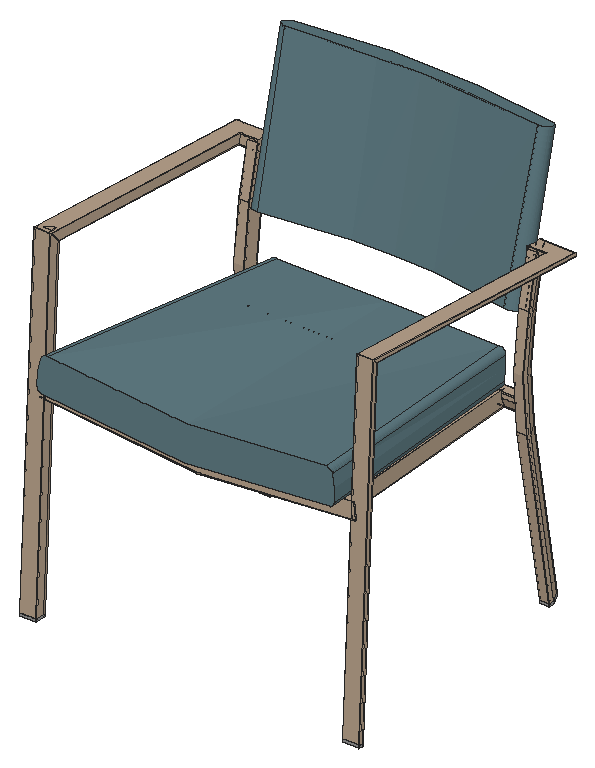
Revit family "FU_Chair_Sandler_Woodlook 2-22XL", category Furniture, Revit 2020
Family settings
  OmniClass Number = 23.40.20.00
  OmniClass Title = General Furniture and Specialties
  Work Plane-Based = No
  Always vertical = Yes
  Cut with Voids When Loaded = No
  Shared = No
  Room Calculation Point = No
Parameters (values of type "Woodlook 2.22XL")
  Width = 650 mm
  URL = "https://www.sandlerseating.com/product/woodlook-2-22-xl/"
  Seat [instance] = Fabric - Mainline Flax - Pimlico MLF34
  Model = "Woodlook 2.22XL"
  Manufacturer = "Sandler"
  Height = 800 mm
  Frame [instance] = Woodlook - 21A Teak
  Description = "Woodlook armchair with frame manufactured entirely from aluminum but with realistic appearance of wood. Lightweight and highly scratch resistant."
  Depth = 615 mm
  Default Elevation = 0 mm
Reference planes
  plane 1 "Center (Front/Back)": y = 0
  plane 2: z = 0
  plane 3 "Center (Left/Right)": x = 0
  plane 4 "Right": x = -325
  plane 5 "Left": x = 325
  plane 6 "Back": y = 307.5
  plane 7 "Front": y = -307.5
  plane 8 "Height": z = 800
  plane 9 "Seat height": z = 460
  plane 10 "Arm Left C TOP": x = 308.948
  plane 11 "Leg Back Left C TOP": x = 267.367
  plane 12 "Arm Back C FRONT": z = 605.509
  plane 13 "Arm A RIGHT": through (4267.2, -254.554, 639.603) normal (0, 0.0566, 0.9984)
  plane 14 "Seat Frame Front TOP": y = -263.353
  plane 15 "Seat Frame Side RIGHT": through (4267.2, -249.267, 391.723) normal (0, 0.0555, 0.9985)
  plane 16 "Seat Frame Back H RIGHT": z = 352.609
  plane 17 "Seat Frame Back V RIGHT": y = 172.382
  plane 18 "Glide Height FRONT": z = 5.203
  plane 19 "Glide C RIGHT": y = -289.967
  plane 20 "Back RIGHT": through (4267.2, 259.815, 761.468) normal (0, 0.9766, -0.2153)
  plane 21 "Arm Right C TOP": x = -308.948
  plane 22 "Leg Back Right C TOP": x = -267.367
Forms (mm)
  Sweep 1, solid, material "Woodlook - 21A Teak" <- "Frame"
    path origin (267.367, 0, 0) x (0, -1, 0) y (0, 0, 1)
      loop
        line (-234.817, -8.8) -> (-177.895, 318.96)
        arc (-177.895, 318.96) -> (-170.212, 421.321) -> (-182.417, 523.242) r 529.707
        line (-182.417, 523.242) -> (-207.007, 635.191)
    profile "Pro_Tube Shape : Pro_Tube Shape" origin (267.367, 206.356, 155.08) x (0, 0.985252, 0.17111) y (-1, 0, 0)
      loop
        arc (-15, 10) -> (-15.707, 9.707) -> (-16, 9) r 1
        line (-16, 9) -> (-16, -9)
        arc (-16, -9) -> (-15.707, -9.707) -> (-15, -10) r 1
        line (-15, -10) -> (-6.015, -10) -> (15.479, 1.739)
        arc (15.479, 1.739) -> (15.86, 2.107) -> (16, 2.617) r 1
        line (16, 2.617) -> (16, 8.976)
        arc (16, 8.976) -> (15.7, 9.7) -> (14.976, 10) r 1.024
        line (14.976, 10) -> (-15, 10)
  Sweep 2, solid, material "Woodlook - 21A Teak" <- "Frame"
    path origin (0, 62.301, 621.642) x (0, -0.998397, 0.056595) y (1, 0, 0)
      loop
        line (333.361, 308.83) -> (-140.967, 308.83) -> (-140.967, 257.324)
    profile "Pro_Tube Shape : Pro_Tube Shape" origin (308.83, -33.742, 627.086) x (-1, 0, 0) y (0, 0.056595, 0.998397)
      loop
        line (15, 10) -> (-14.976, 10)
        arc (-14.976, 10) -> (-15.7, 9.7) -> (-16, 8.976) r 1.024
        line (-16, 8.976) -> (-16, 2.617)
        arc (-16, 2.617) -> (-15.86, 2.107) -> (-15.479, 1.739) r 1
        line (-15.479, 1.739) -> (6.015, -10) -> (15, -10)
        arc (15, -10) -> (15.707, -9.707) -> (16, -9) r 1
        line (16, -9) -> (16, 9)
        arc (16, 9) -> (15.707, 9.707) -> (15, 10) r 1
  Extrusion 3, void
    sketch origin (308.948, 0, -2.5) x (0, -1, 0) y (0, 0, 1)
      loop
        line (-176.066, 625.145) -> (-177.527, 650.91) -> (-236.885, 650.91) -> (-235.234, 621.791) -> (-176.066, 625.145)
    from 23.39 to 53.964
  Sweep 4, solid, material "Woodlook - 21A Teak" <- "Frame"
    path origin (308.948, 0, 0) x (0, -1, 0) y (0, 0, 1)
      loop
        line (289.603, -14.114) -> (254.018, 649.587)
    profile "Pro_Tube Shape : Pro_Tube Shape" origin (308.948, -271.811, 317.737) x (0, 0.998566, -0.053539) y (-1, 0, 0)
      loop
        line (-10, 15) -> (-10, -14.976)
        arc (-10, -14.976) -> (-9.7, -15.7) -> (-8.976, -16) r 1.024
        line (-8.976, -16) -> (-2.617, -16)
        arc (-2.617, -16) -> (-2.107, -15.86) -> (-1.739, -15.479) r 1
        line (-1.739, -15.479) -> (10, 6.015) -> (10, 15)
        arc (10, 15) -> (9.707, 15.707) -> (9, 16) r 1
        line (9, 16) -> (-9, 16)
        arc (-9, 16) -> (-9.707, 15.707) -> (-10, 15) r 1
  Extrusion 5, void
    sketch origin (308.948, 0, 0) x (0, -1, 0) y (0, 0, 1)
      loop
        line (271.969, 659.496) -> (237.561, 659.496) -> (237.561, 621.282) -> (271.969, 659.496)
    from 25 to -25
  Extrusion 6, void
    sketch origin (308.948, 0, 0) x (0, -1, 0) y (0, 0, 1)
      loop
        line (276.522, 664.552) -> (237.561, 621.282) -> (276.522, 621.282) -> (276.522, 664.552)
    from -25 to 25
  Sweep 7, solid, material "Woodlook - 21A Teak" <- "Frame"
    path origin (-267.367, 0, 0) x (0, -1, 0) y (0, 0, 1)
      loop
        line (-234.817, -8.8) -> (-177.895, 318.96)
        arc (-177.895, 318.96) -> (-170.212, 421.321) -> (-182.417, 523.242) r 529.707
        line (-182.417, 523.242) -> (-207.007, 635.191)
    profile "Pro_Tube Shape : Pro_Tube Shape" origin (-267.367, 206.356, 155.08) x (0, -0.985252, -0.17111) y (1, 0, 0)
      loop
        line (15, 10) -> (-14.976, 10)
        arc (-14.976, 10) -> (-15.7, 9.7) -> (-16, 8.976) r 1.024
        line (-16, 8.976) -> (-16, 2.617)
        arc (-16, 2.617) -> (-15.86, 2.107) -> (-15.479, 1.739) r 1
        line (-15.479, 1.739) -> (6.015, -10) -> (15, -10)
        arc (15, -10) -> (15.707, -9.707) -> (16, -9) r 1
        line (16, -9) -> (16, 9)
        arc (16, 9) -> (15.707, 9.707) -> (15, 10) r 1
  Sweep 8, solid, material "Woodlook - 21A Teak" <- "Frame"
    path origin (0, 62.258, 621.644) x (0, -0.998397, 0.056595) y (-1, 0, 0)
      loop
        line (333.361, 308.83) -> (-140.967, 308.83) -> (-140.967, 257.324)
    profile "Pro_Tube Shape : Pro_Tube Shape" origin (-308.83, -33.785, 627.089) x (-1, 0, 0) y (0, 0.056595, 0.998397)
      loop
        arc (-15, 10) -> (-15.707, 9.707) -> (-16, 9) r 1
        line (-16, 9) -> (-16, -9)
        arc (-16, -9) -> (-15.707, -9.707) -> (-15, -10) r 1
        line (-15, -10) -> (-6.015, -10) -> (15.479, 1.739)
        arc (15.479, 1.739) -> (15.86, 2.107) -> (16, 2.617) r 1
        line (16, 2.617) -> (16, 8.976)
        arc (16, 8.976) -> (15.7, 9.7) -> (14.976, 10) r 1.024
        line (14.976, 10) -> (-15, 10)
  Extrusion 9, void
    sketch origin (-267.367, 0, 0) x (0, -1, 0) y (0, 0, -1)
      loop
        line (-176.066, -622.645) -> (-235.234, -619.291) -> (-236.885, -648.41) -> (-177.527, -648.41) -> (-176.066, -622.645)
    from -15.137 to 15.169
  Sweep 10, solid, material "Woodlook - 21A Teak" <- "Frame"
    path origin (-308.948, 0, 0) x (0, -1, 0) y (0, 0, 1)
      loop
        line (289.603, -14.114) -> (254.018, 649.587)
    profile "Pro_Tube Shape : Pro_Tube Shape" origin (-308.948, -271.811, 317.737) x (0, -0.998566, 0.053539) y (1, 0, 0)
      loop
        arc (10, 15) -> (9.707, 15.707) -> (9, 16) r 1
        line (9, 16) -> (-9, 16)
        arc (-9, 16) -> (-9.707, 15.707) -> (-10, 15) r 1
        line (-10, 15) -> (-10, 6.015) -> (1.739, -15.479)
        arc (1.739, -15.479) -> (2.107, -15.86) -> (2.617, -16) r 1
        line (2.617, -16) -> (8.976, -16)
        arc (8.976, -16) -> (9.7, -15.7) -> (10, -14.976) r 1.024
        line (10, -14.976) -> (10, 15)
  Extrusion 11, void
    sketch origin (-273.948, 0, 0) x (0, -1, 0) y (0, 0, -1)
      loop
        line (271.969, -659.496) -> (237.561, -621.282) -> (237.561, -659.496) -> (271.969, -659.496)
    from 25 to -25
  Extrusion 12, void
    sketch origin (-308.948, 0, 0) x (0, -1, 0) y (0, 0, -1)
      loop
        line (276.522, -664.552) -> (276.522, -621.282) -> (237.561, -621.282) -> (276.522, -664.552)
    from -25 to 25
  Sweep 13, solid, material "Woodlook - 21A Teak" <- "Frame"
    path origin (0, -263.353, 0) x (-1, 0, 0) y (0, 0, 1)
      loop
        arc (297.943, 404.083) -> (0.001, 380.018) -> (-297.941, 404.083) r 1856.345
    profile "Pro_Tube Shape : Pro_Tube Shape" origin (-0.001, -263.353, 380.018) x (0, 0, -1) y (0, 1, 0)
      loop
        line (0.999, -13.552) -> (30.934, -15.121)
        arc (30.934, -15.121) -> (31.672, -14.86) -> (32.01, -14.153) r 1.024
        line (32.01, -14.153) -> (32.343, -7.802)
        arc (32.343, -7.802) -> (32.229, -7.285) -> (31.869, -6.898) r 1
        line (31.869, -6.898) -> (11.018, 5.95) -> (2.045, 6.42)
        arc (2.045, 6.42) -> (1.324, 6.165) -> (0.994, 5.474) r 1
        line (0.994, 5.474) -> (0.052, -12.501)
        arc (0.052, -12.501) -> (0.308, -13.223) -> (0.999, -13.552) r 1
  Sweep 14, solid, material "Woodlook - 21A Teak" <- "Frame"
    path origin (0, 20.921, 376.718) x (0, -0.998461, 0.05545) y (1, 0, 0)
      loop
        line (287.474, 277.122) -> (-151.686, 225)
    profile "Pro_Tube Shape : Pro_Tube Shape" origin (251.061, -46.868, 380.483) x (-0.99303, -0.117677, 0.006535) y (0, 0.05545, 0.998461)
      loop
        line (0, 5.5) -> (0, -24.476)
        arc (0, -24.476) -> (0.3, -25.2) -> (1.024, -25.5) r 1.024
        line (1.024, -25.5) -> (7.383, -25.5)
        arc (7.383, -25.5) -> (7.893, -25.36) -> (8.261, -24.979) r 1
        line (8.261, -24.979) -> (20, -3.485) -> (20, 5.5)
        arc (20, 5.5) -> (19.707, 6.207) -> (19, 6.5) r 1
        line (19, 6.5) -> (1, 6.5)
        arc (1, 6.5) -> (0.293, 6.207) -> (0, 5.5) r 1
  Sweep 15, solid, material "Woodlook - 21A Teak" <- "Frame"
    path origin (0, 0, 352.609) x (0, -1, 0) y (1, 0, 0)
      loop
        line (-172.382, 268) -> (-172.382, -268)
    profile "Pro_Tube Shape : Pro_Tube Shape" origin (0, 172.382, 352.609) x (0, -1, 0) y (0, 0, 1)
      loop
        line (-10, 21.5) -> (-10, -8.476)
        arc (-10, -8.476) -> (-9.7, -9.2) -> (-8.976, -9.5) r 1.024
        line (-8.976, -9.5) -> (-2.617, -9.5)
        arc (-2.617, -9.5) -> (-2.107, -9.36) -> (-1.739, -8.979) r 1
        line (-1.739, -8.979) -> (10, 12.515) -> (10, 21.5)
        arc (10, 21.5) -> (9.707, 22.207) -> (9, 22.5) r 1
        line (9, 22.5) -> (-9, 22.5)
        arc (-9, 22.5) -> (-9.707, 22.207) -> (-10, 21.5) r 1
  Sweep 16, solid, material "Woodlook - 21A Teak" <- "Frame"
    path origin (0, 20.921, 376.718) x (0, -0.998461, 0.05545) y (-1, 0, 0)
      loop
        line (287.474, 277.122) -> (-151.686, 225)
    profile "Pro_Tube Shape : Pro_Tube Shape" origin (-251.061, -46.868, 380.483) x (-0.99303, 0.117677, -0.006535) y (0, 0.05545, 0.998461)
      loop
        arc (0, 5.5) -> (-0.293, 6.207) -> (-1, 6.5) r 1
        line (-1, 6.5) -> (-19, 6.5)
        arc (-19, 6.5) -> (-19.707, 6.207) -> (-20, 5.5) r 1
        line (-20, 5.5) -> (-20, -3.485) -> (-8.261, -24.979)
        arc (-8.261, -24.979) -> (-7.893, -25.36) -> (-7.383, -25.5) r 1
        line (-7.383, -25.5) -> (-1.024, -25.5)
        arc (-1.024, -25.5) -> (-0.3, -25.2) -> (0, -24.476) r 1.024
        line (0, -24.476) -> (0, 5.5)
  Extrusion 17, void
    sketch origin (0, -263.353, 0) x (-1, 0, 0) y (0, 0, 1)
      loop
        line (330.041, 5.203) -> (-329.959, 5.203) -> (-329.959, -18.719) -> (330.041, -18.719) -> (330.041, 5.203)
    from -44.147 to 570.853
  Extrusion 18, solid, material "Rubber, Black"
    sketch origin (0, 0, 0) x (1, 0, 0) y (0, 1, 0)
      loop
        arc (293.948, -278.582) -> (293.241, -278.875) -> (292.948, -279.582) r 1
        line (292.948, -279.582) -> (292.948, -297.582)
        arc (292.948, -297.582) -> (293.241, -298.289) -> (293.948, -298.582) r 1
        line (293.948, -298.582) -> (324, -298.582)
        arc (324, -298.582) -> (324.707, -298.289) -> (325, -297.582) r 1
        line (325, -297.582) -> (325, -291.215)
        arc (325, -291.215) -> (324.86, -290.705) -> (324.48, -290.338) r 1
        line (324.48, -290.338) -> (302.985, -278.582) -> (293.948, -278.582)
    from 0 to 5.203
  Extrusion 19, solid, material "Rubber, Black"
    sketch origin (0, 0, 0) x (-1, 0, 0) y (0, -1, 0)
      loop
        line (293.948, 278.582) -> (302.985, 278.582) -> (324.48, 290.338)
        arc (324.48, 290.338) -> (324.86, 290.705) -> (325, 291.215) r 1
        line (325, 291.215) -> (325, 297.582)
        arc (325, 297.582) -> (324.707, 298.289) -> (324, 298.582) r 1
        line (324, 298.582) -> (293.948, 298.582)
        arc (293.948, 298.582) -> (293.241, 298.289) -> (292.948, 297.582) r 1
        line (292.948, 297.582) -> (292.948, 279.582)
        arc (292.948, 279.582) -> (293.241, 278.875) -> (293.948, 278.582) r 1
    from 0 to 5.203
  Extrusion 20, solid, material "Rubber, Black"
    sketch origin (-521.016, -41.46, 0) x (0, 1, 0) y (-1, 0, 0)
      loop
        arc (258.948, -243.582) -> (258.241, -243.875) -> (257.948, -244.582) r 1
        line (257.948, -244.582) -> (257.948, -262.582)
        arc (257.948, -262.582) -> (258.241, -263.289) -> (258.948, -263.582) r 1
        line (258.948, -263.582) -> (289, -263.582)
        arc (289, -263.582) -> (289.707, -263.289) -> (290, -262.582) r 1
        line (290, -262.582) -> (290, -256.215)
        arc (290, -256.215) -> (289.86, -255.705) -> (289.48, -255.338) r 1
        line (289.48, -255.338) -> (267.985, -243.582) -> (258.948, -243.582)
    from 0 to 5.203
  Extrusion 21, solid, material "Rubber, Black"
    sketch origin (521.016, -41.46, 0) x (0, 1, 0) y (-1, 0, 0)
      loop
        line (258.948, 243.582) -> (267.985, 243.582) -> (289.48, 255.338)
        arc (289.48, 255.338) -> (289.86, 255.705) -> (290, 256.215) r 1
        line (290, 256.215) -> (290, 262.582)
        arc (290, 262.582) -> (289.707, 263.289) -> (289, 263.582) r 1
        line (289, 263.582) -> (258.948, 263.582)
        arc (258.948, 263.582) -> (258.241, 263.289) -> (257.948, 262.582) r 1
        line (257.948, 262.582) -> (257.948, 244.582)
        arc (257.948, 244.582) -> (258.241, 243.875) -> (258.948, 243.582) r 1
    from 0 to 5.203
  SweptBlend 22, solid, material "Fabric - Mainline Flax - Pimlico MLF34" <- "Seat"
    path origin (0, 20.921, 376.718) x (0, -0.998461, 0.05545) y (1, 0, 0)
      loop
        line (329.489, 0) -> (-151.57, 0)
    profile origin (0, -308.06, 394.988) x (-1, 0, 0) y (0, 0.05545, 0.998461)
      loop
        arc (279.411, 62.803) -> (274.854, 69.071) -> (267.421, 71.261) r 12.033
        arc (267.421, 71.261) -> (0, 50.631) -> (-267.421, 71.261) r 1743.617
        arc (-267.421, 71.261) -> (-274.854, 69.071) -> (-279.411, 62.803) r 12.033
        arc (-279.411, 62.803) -> (-284.16, 39.492) -> (-284.195, 15.703) r 119.409
        arc (-284.195, 15.703) -> (-281.425, 9.726) -> (-275.539, 6.769) r 10
        arc (-275.539, 6.769) -> (0, -15.14) -> (275.539, 6.769) r 1743.617
        arc (275.539, 6.769) -> (281.425, 9.726) -> (284.195, 15.703) r 10
        arc (284.195, 15.703) -> (284.16, 39.492) -> (279.411, 62.803) r 119.409
    end profile origin (0, 172.258, 368.313) x (-1, 0, 0) y (0, 0.05545, 0.998461)
      loop
        arc (214.949, 7.292) -> (222.02, 10.221) -> (224.949, 17.292) r 10
        line (224.949, 17.292) -> (224.949, 62.205)
        arc (224.949, 62.205) -> (221.434, 70.691) -> (212.949, 74.205) r 12
        line (212.949, 74.205) -> (-212.908, 74.205)
        arc (-212.908, 74.205) -> (-221.393, 70.691) -> (-224.908, 62.205) r 12
        line (-224.908, 62.205) -> (-224.908, 17.292)
        arc (-224.908, 17.292) -> (-221.979, 10.221) -> (-214.908, 7.292) r 10
        line (-214.908, 7.292) -> (214.949, 7.292)
  SweptBlend 23, solid, material "Fabric - Mainline Flax - Pimlico MLF34" <- "Seat"
    path origin (0, 87.532, -20.141) x (0, 0.215254, 0.976558) y (1, 0, 0)
      loop
        line (545.587, 0) -> (837.974, 0)
    profile origin (0, 204.972, 512.656) x (1, 0, 0) y (0, 0.976558, -0.215254)
      loop
        arc (-240.868, -7.621) -> (-257.465, -30.464) -> (-234.621, -47.061) r 19.966
        arc (-234.621, -47.061) -> (0, -13.658) -> (234.621, -47.061) r 840.685
        arc (234.621, -47.061) -> (257.465, -30.464) -> (240.868, -7.621) r 19.966
        arc (240.868, -7.621) -> (0, 26.342) -> (-240.868, -7.621) r 871.105
    end profile origin (0, 267.909, 798.19) x (1, 0, 0) y (0, 0.976558, -0.215254)
      loop
        arc (-248.456, -6.725) -> (-257.488, -24.677) -> (-241.849, -37.297) r 16
        arc (-241.849, -37.297) -> (0, -13.779) -> (241.849, -37.297) r 1255.303
        arc (241.849, -37.297) -> (257.488, -24.677) -> (248.456, -6.725) r 16
        arc (248.456, -6.725) -> (0, 26.221) -> (-248.456, -6.725) r 953.321
Cuts and joins
  Extrusion 5, Extrusion 17 cuts Sweep 4
  Extrusion 6 cuts Sweep 2
  Extrusion 11, Extrusion 17 cuts Sweep 10
  Extrusion 12 cuts Sweep 8
  Extrusion 3, Extrusion 17 cuts Sweep 1
  Extrusion 9, Extrusion 17 cuts Sweep 7
Dimensions and locks
  equal spacing: plane 4 "Right", plane 3 "Center (Left/Right)", plane 5 "Left"
  "Width": plane 4 "Right" to plane 5 "Left"
  equal spacing: plane 6 "Back", plane 1 "Center (Front/Back)", plane 7 "Front"
  "Depth": plane 6 "Back" to plane 7 "Front"
  "Height": plane 8 "Height" to level
  plane 9 "Seat height" to level = 460 mm
  plane 11 "Leg Back Left C TOP" to plane 10 "Arm Left C TOP" to plane 5 "Left" = 41.582 mm locked, 16.052 mm locked
  plane 4 "Right" to plane 21 "Arm Right C TOP" to plane 22 "Leg Back Right C TOP" = 16.052 mm locked, 41.582 mm locked
  aligned and locked: level to plane 2
Automatic sketch dimensions
  Sweep 1 sketch curve to plane 9 "Seat height" = 50.402 mm
  plane 6 "Back" to Sweep 1 sketch curve = 392.29 mm
  plane 17 "Seat Frame Back V RIGHT" to Sweep 1 sketch curve = 10.034 mm
  plane 17 "Seat Frame Back V RIGHT" to Sweep 1 sketch curve = 5.512 mm
  Sweep 1 sketch curve to plane 16 "Seat Frame Back H RIGHT" = 33.648 mm
  Sweep 1 sketch curve to level = 8.8 mm
  plane 17 "Seat Frame Back V RIGHT" to Sweep 1 sketch curve = 62.435 mm
  plane 17 "Seat Frame Back V RIGHT" to Sweep 1 sketch curve = 34.624 mm
  plane 12 "Arm Back C FRONT" to Sweep 1 sketch curve = 29.682 mm
  plane 10 "Arm Left C TOP" to Sweep 2 sketch curve = 0.119 mm
  Sweep 2 sketch curve to Sweep 2 sketch curve = 474.328 mm
  plane 11 "Leg Back Left C TOP" to Sweep 2 sketch curve = 10.043 mm
  plane 17 "Seat Frame Back V RIGHT" to Extrusion 3 sketch curve = 64.502 mm
  plane 12 "Arm Back C FRONT" to Extrusion 3 sketch curve = 13.782 mm
  Extrusion 3 sketch curve to Extrusion 3 sketch curve = 1.651 mm
  plane 17 "Seat Frame Back V RIGHT" to Extrusion 3 sketch curve = 5.144 mm
  plane 17 "Seat Frame Back V RIGHT" to Extrusion 3 sketch curve = 3.684 mm
  plane 14 "Seat Frame Front TOP" to Sweep 4 sketch curve = 9.335 mm
  plane 19 "Glide C RIGHT" to Sweep 4 sketch curve = 0.364 mm
  Sweep 4 sketch curve to level = 14.114 mm
  plane 12 "Arm Back C FRONT" to Sweep 4 sketch curve = 44.078 mm
  plane 14 "Seat Frame Front TOP" to Extrusion 5 sketch curve = 25.792 mm
  Extrusion 5 sketch curve to plane 14 "Seat Frame Front TOP" = 8.616 mm
  plane 12 "Arm Back C FRONT" to Extrusion 5 sketch curve = 15.773 mm
  Extrusion 5 sketch curve to Extrusion 5 sketch curve = 38.214 mm
  plane 14 "Seat Frame Front TOP" to Extrusion 6 sketch curve = 25.792 mm
  Extrusion 6 sketch curve to plane 14 "Seat Frame Front TOP" = 13.169 mm
  plane 12 "Arm Back C FRONT" to Extrusion 6 sketch curve = 15.773 mm
  Extrusion 6 sketch curve to Extrusion 6 sketch curve = 43.27 mm
  plane 4 "Right" to Sweep 8 sketch curve = 16.17 mm
  Sweep 8 sketch curve to Sweep 8 sketch curve = 474.328 mm
  Sweep 8 sketch curve to Sweep 8 sketch curve = 51.506 mm
  plane 14 "Seat Frame Front TOP" to Extrusion 11 sketch curve = 25.792 mm
  Extrusion 11 sketch curve to plane 14 "Seat Frame Front TOP" = 8.616 mm
  plane 12 "Arm Back C FRONT" to Extrusion 11 sketch curve = 53.987 mm
  plane 12 "Arm Back C FRONT" to Extrusion 11 sketch curve = 15.773 mm
  Sweep 13 sketch curve to plane 3 "Center (Left/Right)" = 0.001 mm
  plane 8 "Height" to Sweep 13 sketch curve = 1436.363 mm
  plane 10 "Arm Left C TOP" to Sweep 13 sketch curve = 11.007 mm
  Sweep 13 sketch curve to plane 4 "Right" = 27.057 mm
  plane 16 "Seat Frame Back H RIGHT" to Sweep 13 sketch curve = 51.475 mm
  plane 11 "Leg Back Left C TOP" to Sweep 14 sketch curve = 42.367 mm
  Sweep 14 sketch curve to plane 11 "Leg Back Left C TOP" = 9.755 mm
  Sweep 14 sketch curve to Sweep 14 sketch curve = 439.159 mm
  Sweep 15 sketch curve to plane 17 "Seat Frame Back V RIGHT" = 0 mm
  Sweep 15 sketch curve to plane 4 "Right" = 57 mm
  Sweep 15 sketch curve to plane 11 "Leg Back Left C TOP" = 0.633 mm
  plane 4 "Right" to Sweep 16 sketch curve = 100 mm
  plane 4 "Right" to Sweep 16 sketch curve = 47.878 mm
  Sweep 16 sketch curve to Sweep 16 sketch curve = 439.159 mm
  Extrusion 17 sketch curve to plane 18 "Glide Height FRONT" = 0 mm
  Extrusion 17 sketch curve to plane 5 "Left" = 4.959 mm
  plane 4 "Right" to Extrusion 17 sketch curve = 5.041 mm
  Extrusion 17 sketch curve to level = 18.719 mm
  Extrusion 18 sketch curve to plane 5 "Left" = 0 mm
  Extrusion 18 sketch curve to plane 19 "Glide C RIGHT" = 0.371 mm
  plane 5 "Left" to Extrusion 18 sketch curve = 0.52 mm
  Extrusion 18 sketch curve to Extrusion 18 sketch curve = 0.48 mm
  plane 5 "Left" to Extrusion 18 sketch curve = 1 mm
  plane 10 "Arm Left C TOP" to Extrusion 18 sketch curve = 5.963 mm
  Extrusion 18 sketch curve to Extrusion 18 sketch curve = 9.037 mm
  Extrusion 18 sketch curve to plane 19 "Glide C RIGHT" = 7.615 mm
  plane 10 "Arm Left C TOP" to Extrusion 18 sketch curve = 15 mm
  Extrusion 18 sketch curve to Extrusion 18 sketch curve = 1 mm
  plane 19 "Glide C RIGHT" to Extrusion 18 sketch curve = 10.385 mm
  Extrusion 19 sketch curve to plane 4 "Right" = 0 mm
  plane 19 "Glide C RIGHT" to Extrusion 19 sketch curve = 0.371 mm
  plane 4 "Right" to Extrusion 19 sketch curve = 0.52 mm
  Extrusion 19 sketch curve to Extrusion 19 sketch curve = 0.48 mm
  plane 4 "Right" to Extrusion 19 sketch curve = 1 mm
  Extrusion 19 sketch curve to plane 19 "Glide C RIGHT" = 11.385 mm
  plane 4 "Right" to Extrusion 19 sketch curve = 22.015 mm
  Extrusion 19 sketch curve to Extrusion 19 sketch curve = 9.037 mm
  plane 19 "Glide C RIGHT" to Extrusion 19 sketch curve = 7.615 mm
  Extrusion 19 sketch curve to Extrusion 19 sketch curve = 0 mm
  Extrusion 19 sketch curve to Extrusion 19 sketch curve = 1 mm
  plane 17 "Seat Frame Back V RIGHT" to Extrusion 20 sketch curve = 44.106 mm
  Extrusion 20 sketch curve to Extrusion 20 sketch curve = 1 mm  (x3)
  Extrusion 20 sketch curve to Extrusion 20 sketch curve = 9.037 mm
  Extrusion 20 sketch curve to Extrusion 20 sketch curve = 21.015 mm
  Extrusion 20 sketch curve to Extrusion 20 sketch curve = 0 mm
  Extrusion 20 sketch curve to Extrusion 20 sketch curve = 0.48 mm
  Extrusion 20 sketch curve to plane 4 "Right" = 67.565 mm
  Extrusion 20 sketch curve to Extrusion 20 sketch curve = 6.367 mm
  Extrusion 20 sketch curve to Extrusion 20 sketch curve = 18 mm
  plane 11 "Leg Back Left C TOP" to Extrusion 21 sketch curve = 9.068 mm
  Extrusion 21 sketch curve to plane 17 "Seat Frame Back V RIGHT" = 44.106 mm
  Extrusion 21 sketch curve to Extrusion 21 sketch curve = 1 mm  (x2)
  Extrusion 21 sketch curve to Extrusion 21 sketch curve = 9.037 mm
  Extrusion 21 sketch curve to Extrusion 21 sketch curve = 21.015 mm
  Extrusion 21 sketch curve to plane 11 "Leg Back Left C TOP" = 2.566 mm
  Extrusion 21 sketch curve to Extrusion 21 sketch curve = 0 mm
  Extrusion 21 sketch curve to plane 11 "Leg Back Left C TOP" = 1.688 mm
  Extrusion 21 sketch curve to Extrusion 21 sketch curve = 0.48 mm
  Extrusion 21 sketch curve to plane 11 "Leg Back Left C TOP" = 8.932 mm
  SweptBlend 22 sketch curve to plane 3 "Center (Left/Right)" = 0 mm
  SweptBlend 22 sketch curve to SweptBlend 22 sketch curve = 481.058 mm
  profile plane to SweptBlend 22 sketch curve = 224.908 mm
  SweptBlend 22 sketch curve to SweptBlend 22 sketch curve = 10 mm  (x2)
  SweptBlend 22 sketch curve to profile plane = 212.949 mm
  plane 15 "Seat Frame Side RIGHT" to SweptBlend 22 sketch curve = 7.292 mm
  SweptBlend 22 sketch curve to SweptBlend 22 sketch curve = 2 mm
  SweptBlend 22 sketch curve to SweptBlend 22 sketch curve = 12 mm
  SweptBlend 22 sketch curve to SweptBlend 22 sketch curve = 44.913 mm
  SweptBlend 23 sketch curve to plane 3 "Center (Left/Right)" = 0 mm
  SweptBlend 23 sketch curve to SweptBlend 23 sketch curve = 292.387 mm
  Sweep 10 sketch curve to plane 14 "Seat Frame Front TOP" = 9.335 mm
  Sweep 10 sketch curve to plane 19 "Glide C RIGHT" = 0.364 mm
  level to Sweep 10 sketch curve = 14.114 mm
  Sweep 10 sketch curve to plane 12 "Arm Back C FRONT" = 44.078 mm
  Extrusion 12 sketch curve to plane 14 "Seat Frame Front TOP" = 25.792 mm
  plane 14 "Seat Frame Front TOP" to Extrusion 12 sketch curve = 13.169 mm
  Extrusion 12 sketch curve to plane 12 "Arm Back C FRONT" = 15.773 mm
  Extrusion 12 sketch curve to Extrusion 12 sketch curve = 43.27 mm
  plane 9 "Seat height" to Sweep 7 sketch curve = 50.402 mm
  Sweep 7 sketch curve to plane 6 "Back" = 392.29 mm
  Sweep 7 sketch curve to plane 17 "Seat Frame Back V RIGHT" = 10.034 mm
  Sweep 7 sketch curve to plane 17 "Seat Frame Back V RIGHT" = 5.512 mm
  plane 16 "Seat Frame Back H RIGHT" to Sweep 7 sketch curve = 33.648 mm
  level to Sweep 7 sketch curve = 8.8 mm
  Sweep 7 sketch curve to plane 17 "Seat Frame Back V RIGHT" = 62.435 mm
  Sweep 7 sketch curve to plane 17 "Seat Frame Back V RIGHT" = 34.624 mm
  Sweep 7 sketch curve to plane 12 "Arm Back C FRONT" = 29.682 mm
  Extrusion 9 sketch curve to plane 17 "Seat Frame Back V RIGHT" = 64.502 mm
  Extrusion 9 sketch curve to plane 12 "Arm Back C FRONT" = 13.782 mm
  Extrusion 9 sketch curve to Extrusion 9 sketch curve = 1.651 mm
  Extrusion 9 sketch curve to plane 17 "Seat Frame Back V RIGHT" = 5.144 mm
  Extrusion 9 sketch curve to plane 17 "Seat Frame Back V RIGHT" = 3.684 mm
  SweptBlend 22 sketch curve to profile plane = 0 mm  (x2)
  plane 15 "Seat Frame Side RIGHT" to SweptBlend 22 sketch curve = 27.426 mm  (x2)
  profile plane to SweptBlend 22 sketch curve = 165.363 mm
  SweptBlend 22 sketch curve to SweptBlend 22 sketch curve = 102.555 mm
  SweptBlend 22 sketch curve to SweptBlend 22 sketch curve = 6.325 mm  (x2)
  plane 15 "Seat Frame Side RIGHT" to SweptBlend 22 sketch curve = 16.685 mm  (x2)
  SweptBlend 22 sketch curve to SweptBlend 22 sketch curve = 42.553 mm  (x2)
  SweptBlend 22 sketch curve to SweptBlend 22 sketch curve = 65.772 mm
  SweptBlend 22 sketch curve to SweptBlend 22 sketch curve = 1.296 mm
  SweptBlend 22 sketch curve to SweptBlend 22 sketch curve = 0.497 mm  (x2)
  SweptBlend 22 sketch curve to SweptBlend 22 sketch curve = 11.99 mm  (x2)
  SweptBlend 22 sketch curve to SweptBlend 22 sketch curve = 0 mm  (x3)
  plane 15 "Seat Frame Side RIGHT" to SweptBlend 22 sketch curve = 6.769 mm
  SweptBlend 22 sketch curve to SweptBlend 22 sketch curve = 8.458 mm
  SweptBlend 22 sketch curve to SweptBlend 22 sketch curve = 1657.216 mm
  SweptBlend 23 sketch curve to profile plane = 0 mm  (x4)
  SweptBlend 23 sketch curve to plane 20 "Back RIGHT" = 27.341 mm  (x2)
  SweptBlend 23 sketch curve to profile plane = 237.745 mm
  SweptBlend 23 sketch curve to SweptBlend 23 sketch curve = 9.58 mm
  SweptBlend 23 sketch curve to SweptBlend 23 sketch curve = 3.123 mm  (x4)
  SweptBlend 23 sketch curve to SweptBlend 23 sketch curve = 19.72 mm
  SweptBlend 23 sketch curve to SweptBlend 23 sketch curve = 797.702 mm
  SweptBlend 23 sketch curve to plane 20 "Back RIGHT" = 21.297 mm  (x2)
  SweptBlend 23 sketch curve to SweptBlend 23 sketch curve = 341.982 mm
  SweptBlend 23 sketch curve to SweptBlend 23 sketch curve = 6.607 mm  (x2)
  SweptBlend 23 sketch curve to SweptBlend 23 sketch curve = 16 mm
  SweptBlend 23 sketch curve to profile plane = 241.849 mm
  SweptBlend 23 sketch curve to SweptBlend 23 sketch curve = 889.803 mm
